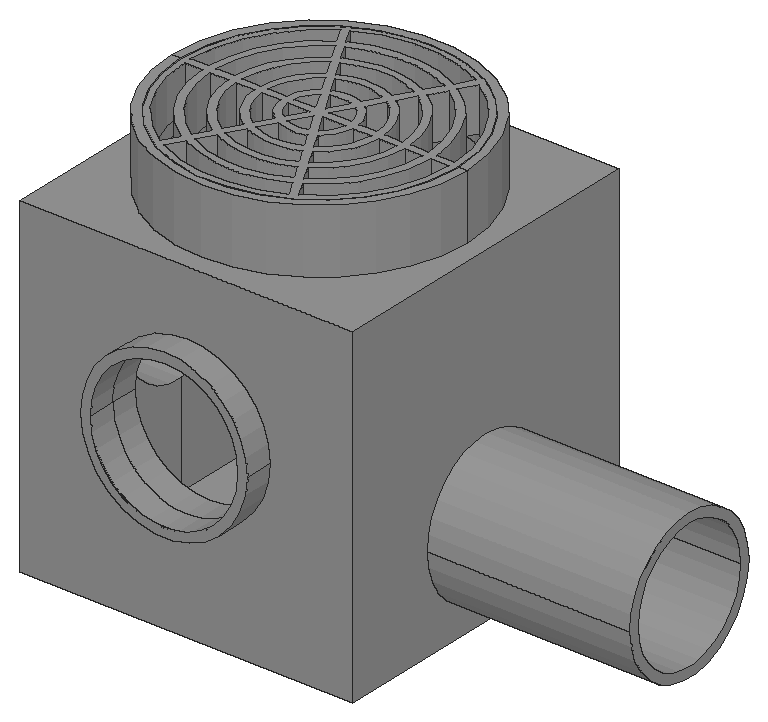
Revit family "BV1290", category Plumbing Fixtures, Revit 2013
Parameters
  URL = "www.mifab.com"
  Model = "BV1290"
  Manufacturer = "Mifab"
  Grate Material = Ductile iron
  Description = "Drain tile sump"
  Body Material = Steel
Reference planes (in)
  plane 1 "Center (Front/Back)": y = 0
  plane 2: z = 0
  plane 3 "Center (Left/Right)": x = 0
  plane 4: z = -129
  plane 5: x = 120
Forms (in)
  Revolve 1, solid, material "Steel" <- "Body Material"
    sketch origin (0, 0, 0) x (1, 0, 0) y (0, 0, 1)
      loop
        line (0, 0) -> (-48, 0) -> (-48, -21) -> (0, -21) -> (0, 0)
      axis (0, 0) -> (0, -21)
    angle from 0 to 360
  Extrusion 2, solid, material "Steel" <- "Body Material"
    sketch origin (0, 0, 0) x (1, 0, 0) y (0, 1, 0)
      loop
        line (-54, -54) -> (54, -54) -> (54, 54) -> (-54, 54) -> (-54, -54)
    from -129 to -21
  Extrusion 3, void
    sketch origin (0, 0, 0) x (1, 0, 0) y (0, 1, 0)
      loop
        circle (0, 0) r 45
    from -21 to 0
  Extrusion 4, solid, material "Steel" <- "Body Material"
    sketch origin (0, 0, 0) x (0, 1, 0) y (0, 0, 1)
      loop
        circle (0, -98.25) r 24
    from 54 to 120
  Extrusion 5, void
    sketch origin (0, 0, 0) x (0, 1, 0) y (0, 0, 1)
      loop
        circle (0, -98.25) r 21
    from 33.95732 to 120
  Extrusion 6, void
    sketch origin (0, 0, 0) x (1, 0, 0) y (0, 1, 0)
      loop
        line (-45, 0) -> (-45, -45) -> (0, -45) -> (45, -45) -> (45, 0) -> (45, 45) -> (0, 45) -> (-45, 45) -> (-45, 0)
    from -126.17622 to -31.11523
  Extrusion 7, void
    sketch origin (0, 0, 0) x (1, 0, 0) y (0, 1, 0)
      loop
        circle (0, 0) r 45
    from -31.11523 to -21
  Extrusion 8, solid, material "Steel" <- "Body Material"
    sketch origin (0, 0, 0) x (1, 0, 0) y (0, 0, 1)
      loop
        circle (0, -69) r 27
    from -63.06342 to -45
  Extrusion 9, void
    sketch origin (0, 0, 0) x (1, 0, 0) y (0, 0, 1)
      loop
        circle (0, -69) r 24
    from -63.06342 to -45
  Extrusion 10, solid, material "Steel" <- "Body Material"
    sketch origin (0, 0, 0) x (1, 0, 0) y (0, 0, -1)
      loop
        circle (0, 69) r 27
    from -63.06342 to -45
  Extrusion 11, void
    sketch origin (0, 0, 0) x (1, 0, 0) y (0, 0, -1)
      loop
        circle (0, 69) r 24
    from -63.06342 to -45
  Extrusion 12, solid, material "Steel" <- "Body Material"
    sketch origin (0, 0.03171, 0) x (0, 1, 0) y (0, 0, 1)
      loop
        circle (0, -69) r 27
    from -63.06342 to -45
  Extrusion 13, void
    sketch origin (0, 0.03171, 0) x (0, 1, 0) y (0, 0, 1)
      loop
        circle (0, -69) r 24
    from -63.06342 to -45
  Extrusion 14, solid, material "Ductile iron" <- "Grate Material"
    sketch origin (0, 0, 0) x (1, 0, 0) y (0, 1, 0)
      loop
        circle (0, 0) r 45
    from -14.40976 to 0
  Extrusion 15, void
    sketch origin (0, 0, 0) x (1, 0, 0) y (0, 1, 0)
      loop
        circle (0, 0) r 43
      loop
        circle (0, 0) r 37
      loop
        circle (0, 0) r 34.60156
      loop
        circle (0, 0) r 28.60156
      loop
        circle (0, 0) r 26.20312
      loop
        circle (0, 0) r 20.20312
      loop
        circle (0, 0) r 17.80469
      loop
        circle (0, 0) r 11.80469
      loop
        circle (0, 0) r 9.40625
    from -14.40976 to 0
  Extrusion 16, solid, material "Ductile iron" <- "Grate Material"
    sketch origin (0, 0, 0) x (1, 0, 0) y (0, 1, 0)
      loop
        line (-21.5, 39.63753) -> (-23.57711, 38.43831) -> (-2.07711, 1.19922) -> (-45, 1.19922) -> (-45, -1.19922) -> (-2.07711, -1.19922) -> (-23.57711, -38.43831) -> (-21.5, -39.63753) -> (0, -2.39844) -> (21.375, -39.42102) -> (23.45211, -38.2218) -> (2.07711, -1.19922) -> (45, -1.19922) -> (45, 1.19922) -> (2.07711, 1.19922) -> (23.57711, 38.43831) -> (21.5, 39.63753) -> (0, 2.39844) -> (-21.5, 39.63753)
    from -14.40976 to 0
Cuts and joins
  Extrusion 3, Extrusion 5, Extrusion 6, Extrusion 7, Extrusion 11, Extrusion 13 cuts Revolve 1
  Extrusion 3, Extrusion 5, Extrusion 6, Extrusion 7, Extrusion 9, Extrusion 11, Extrusion 13 cuts Extrusion 2
  Extrusion 5, Extrusion 6, Extrusion 7, Extrusion 11, Extrusion 13 cuts Extrusion 4
  Extrusion 9, Extrusion 11, Extrusion 13 cuts Extrusion 8
  Extrusion 11 cuts Extrusion 10
  Extrusion 13 cuts Extrusion 12
  joined: Revolve 1, Extrusion 2, Extrusion 4, Extrusion 8, Extrusion 10, Extrusion 12
  Extrusion 15 cuts Extrusion 14
  joined: Extrusion 14, Extrusion 16
Dimensions and locks (in)
  locked: Revolve 1 sketch curve to Revolve 1 sketch curve at 48
  locked: Revolve 1 sketch curve to Revolve 1 sketch curve at 21
  locked: Extrusion 2 sketch curve to Extrusion 2 sketch curve at 108  (x2)
  locked: Extrusion 5 sketch curve to plane 4 at 30.75
  cut or joined group 1 (Revolve 1, Extrusion 2, Extrusion 3, Extrusion 4, Extrusion 5, Extrusion 6, Extrusion 7, Extrusion 8, Extrusion 9, Extrusion 10, Extrusion 11, Extrusion 12, Extrusion 13) to cut or joined group 1 = 9' - 0"
  locked: Extrusion 6 sketch curve to plane 1 "Center (Front/Back)" at 45
  locked: plane 3 "Center (Left/Right)" to Extrusion 6 sketch curve at 45
  locked: cut or joined group 1 to Extrusion 6 sketch curve at 9
  locked: Extrusion 6 sketch curve to cut or joined group 1 at 9
  locked: level to Extrusion 8 sketch curve at 69
  locked: plane 5 to Extrusion 8 sketch curve at 120
  aligned and locked: level to plane 2
  aligned and locked: level to Revolve 1 sketch curve
  aligned and locked: Revolve 1 sketch curve to plane 3 "Center (Left/Right)"
  aligned and locked: plane 2 to Revolve 1 sketch curve
  aligned and locked: Extrusion 2 to plane 4
  aligned and locked: plane 3 "Center (Left/Right)" to Extrusion 3 sketch curve
  aligned and locked: plane 1 "Center (Front/Back)" to Extrusion 3 sketch curve
  aligned and locked: plane 5 to Extrusion 4
  aligned and locked: Extrusion 4 to Extrusion 2
  aligned and locked: level to Extrusion 3
  aligned and locked: Revolve 1 to Extrusion 3
  aligned and locked: plane 3 "Center (Left/Right)" to Extrusion 7 sketch curve
  aligned and locked: plane 1 "Center (Front/Back)" to Extrusion 7 sketch curve
  aligned and locked: Extrusion 7 to cut or joined group 1
  aligned and locked: cut or joined group 1 to Extrusion 9  (x2)
  aligned and locked: plane 3 "Center (Left/Right)" to Extrusion 14 sketch curve
  aligned and locked: plane 1 "Center (Front/Back)" to Extrusion 14 sketch curve
  aligned and locked: level to Extrusion 14
  aligned and locked: plane 3 "Center (Left/Right)" to Extrusion 15 sketch curve  (x9)
  aligned and locked: plane 1 "Center (Front/Back)" to Extrusion 15 sketch curve  (x9)
  aligned and locked: Extrusion 14 to Extrusion 15
  aligned and locked: level to Extrusion 15
  aligned and locked: Extrusion 16 to cut or joined group of Extrusion 14, Extrusion 15, Extrusion 16
